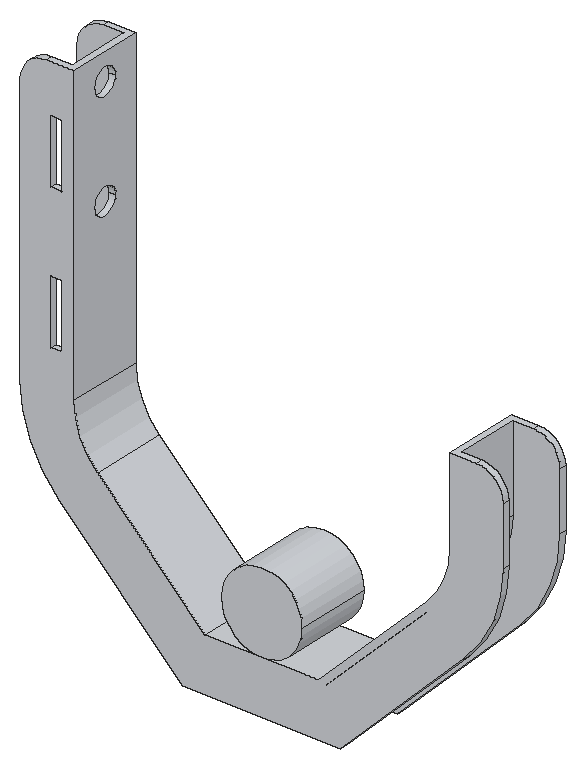
Revit family
Parameters
  URL = "www.siouxchief.com"
  Model = "521-723B"
  Manufacturer = "Sioux Chief Manufacturing"
  Keynote = "Commercial Chase Bracket"
  Description = "3/4\" Bracket"
Reference planes (in)
  plane 1 "Center (Front/Back)": y = 0
  plane 2: z = 0
  plane 3 "Center (Left/Right)": x = 0
Forms (in)
  Sweep 1, solid
    path origin (-1.74985, -0.00531, -17.375) x (0, 0, 1) y (-1, 0, 0)
      loop
        line (25.11806, 0) -> (22.36816, 0)
        arc (22.36816, 0) -> (22.08111, -0.0571) -> (21.83776, -0.2197) r 0.7501
        line (21.83776, -0.2197) -> (20.83796, -1.2195) -> (20.83796, -2.2802) -> (21.83776, -3.28)
        arc (21.83776, -3.28) -> (22.08111, -3.4426) -> (22.36816, -3.4997) r 0.7501
        line (22.36816, -3.4997) -> (23.15716, -3.4997)
    profile origin (-1.74985, -0.00531, 6.36811) x (0, -1, 0) y (1, 0, 0)
      loop
        line (-0.359, 0) -> (-0.359, -0.5) -> (-0.299, -0.5) -> (-0.299, -0.06) -> (0.299, -0.06) -> (0.299, -0.5) -> (0.359, -0.5) -> (0.359, 0) -> (-0.359, 0)
  Extrusion 2, void
    sketch origin (2.29588, -0.75, -1.9609) x (0, 0, 1) y (-1, 0, 0)
      loop
        line (7.74306, 0.04603) -> (7.74306, 0.29603)
        arc (7.74306, 0.29603) -> (7.66983, 0.11925) -> (7.49306, 0.04603) r 0.25
        line (7.49306, 0.04603) -> (7.74306, 0.04603)
    from -1.22856 to -0.23725
  Extrusion 3, void
    sketch origin (-2.29588, -0.75, 0) x (0, 0, 1) y (-1, 0, 0)
      loop
        line (7.74306, -0.04603) -> (7.49306, -0.04603)
        arc (7.49306, -0.04603) -> (7.66983, -0.11925) -> (7.74306, -0.29603) r 0.25
        line (7.74306, -0.29603) -> (7.74306, -0.04603)
    from -1.22856 to -0.23725
  Extrusion 4, void
    sketch origin (-2.34405, -0.75, 0.05) x (0, 0, 1) y (-1, 0, 0)
      loop
        line (7.24348, -0.47897) -> (7.24348, -0.37807) -> (6.64348, -0.37807) -> (6.64348, -0.47897) -> (7.24348, -0.47897)
    from -1.10369 to -0.38569
  Extrusion 5, void
    sketch origin (-2.34405, -0.75, -1.288) x (0, 0, 1) y (-1, 0, 0)
      loop
        line (7.24348, -0.47897) -> (7.24348, -0.37807) -> (6.64348, -0.37807) -> (6.64348, -0.47897) -> (7.24348, -0.47897)
    from -1.10369 to -0.38569
  Extrusion 6, void
    sketch origin (-2.29505, 0, 0) x (0, 1, 0) y (0, 0, 1)
      loop
        circle (-0.00531, 7.49306) r 0.125
    from 0.4852 to 0.5452
  Extrusion 7, void
    sketch origin (-2.29505, 0, -1) x (0, 1, 0) y (0, 0, 1)
      loop
        circle (-0.00531, 7.49306) r 0.125
    from 0.4852 to 0.5452
  Extrusion 8, solid
    sketch origin (0, -0.75, -0.01563) x (0, 0, 1) y (-1, 0, 0)
      loop
        circle (3.85184, 0) r 0.375
    from -1.10369 to -0.38569
Cuts and joins
  Extrusion 2, Extrusion 3, Extrusion 4, Extrusion 5, Extrusion 6, Extrusion 7 cuts Sweep 1
Dimensions and locks (in)
  aligned and locked: plane 2 to level
  aligned and locked: cut or joined group of Sweep 1, Extrusion 2, Extrusion 3, Extrusion 4, Extrusion 5, Extrusion 6, Extrusion 7 to Extrusion 8  (x2)
Connectors (in)
  piping at (0, 0.35369, 3.83621)
    settings: on Extrusion 8, index 1, connector radius 0.38", flow factor 0, pipe flow 0 GPM, pressure drop 0.00 psi, fitting loss kfactor 0, connector angle 0.00°, fixture units 0, flow configuration 0, flow direction 0, fitting loss method 0, system type 22, connector reference index -1, connector utility 0, adjustable connector no, is connector primary yes, fitting loss table "", connector description ""
  piping at (0, -0.36431, 3.83621)
    settings: on Extrusion 8, index 2, connector radius 0.38", flow factor 0, pipe flow 0 GPM, pressure drop 0.00 psi, fitting loss kfactor 0, connector angle 0.00°, fixture units 0, flow configuration 0, flow direction 0, fitting loss method 0, system type 22, connector reference index -1, connector utility 0, adjustable connector no, is connector primary no, fitting loss table "", connector description ""
